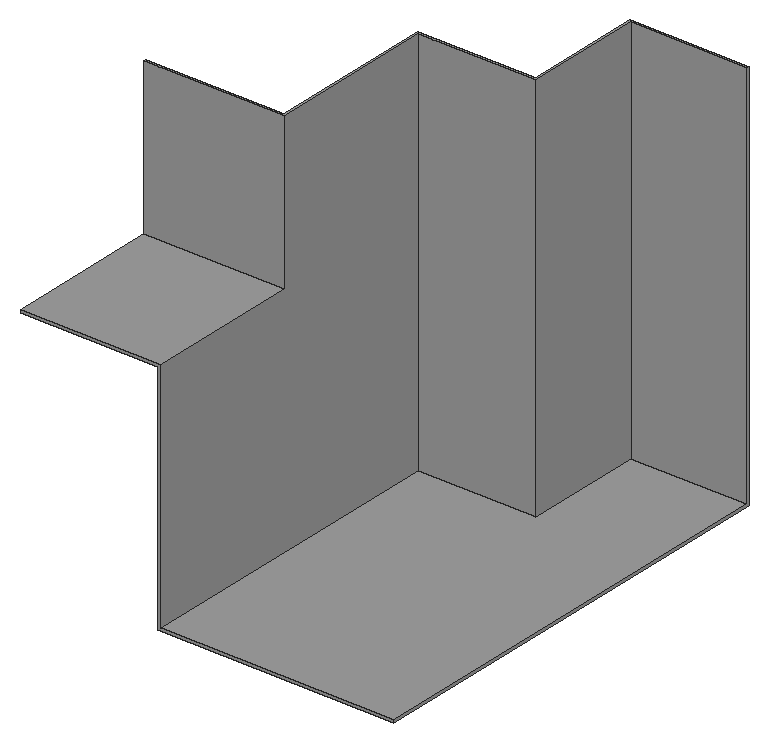
Revit family "2ed143ff-31b1-4260-ae98-51fd0d0a8e82", category Generic Models, Revit 2012
Parameters (values of type "As Specified")
  Upper Height = 0' - 4"
  Unit Width = 1' - 0"
  Unit Height = 0' - 4"
  Unit Depth = 0' - 6"
  URL = "http://www.hyload.com/"
  Thickness = 0' - 0 1/16"
  Specification = "http://www.arcat.com/sdspecs/htm04/07_65_00hyl.htm"
  Sales Information = "http://www.hyload.com/contact-us"
  Revision = "R1_12-2015"
  Product Properties = "http://www.hyload.com/masonry-flashing/preformed-shapes/"
  Product Data = "http://www.arcat.com/arcatcos/cos33/arc33176.html"
  Model = "Window Seal"
  Manufacturer Website = "http://www.hyload.com/"
  Manufacturer Phone - Toll Free = "800-457-4056"
  Manufacturer Phone = "330-769-3546"
  Manufacturer Fax = "330-769-4153"
  Manufacturer Address = "5020 Panther Pkwy., Seville, OH 44273"
  Manufacturer = "Hyload"
  Lower Height = 0' - 6"
  Keynote = "07 65 00"
  Flashing Material = Hyload Flashing Membrane - Grey
  Drawn By = "Robert S. Weygant / Sumex Design"
  Description = "Preformed Hyload Masonry Flashing - Window Seal"
  Copyright = "(c) ARCAT, Inc, 2015"
  Construction Details = "http://www.arcat.com/details/hyload/hyload.html?coid=33176"
  Assembly Code = "B3010400"
Reference planes (in)
  plane 1 "Center (Front/Back)": y = 0
  plane 2: z = 0
  plane 3 "Center (Left/Right)": x = 0
  plane 4: y = 7.25
  plane 5: x = 6
  plane 6 "WinPlane": z = 6
  plane 7: x = 22
  plane 8: y = -4
  plane 9: x = 3
  plane 10: y = 4.25
  plane 11: z = 10
  plane 12: x = -3.5
Forms (in)
  Extrusion 1, solid, material "Hyload Flashing Membrane - Grey" <- "Flashing Material"
    sketch origin (0, 0, 0) x (1, 0, 0) y (0, 1, 0)
      loop
        line (6, 7.25) -> (3, 7.25) -> (3, 4.25) -> (0, 4.25) -> (0, -4) -> (6, -4) -> (6, 7.25)
    from 0 to 0.0625 <- "Thickness"
  Extrusion 2, solid, material "Hyload Flashing Membrane - Grey" <- "Flashing Material"
    sketch origin (0, 0, 0) x (1, 0, 0) y (0, 1, 0)
      loop
        line (6, 7.25) -> (3, 7.25) -> (3, 4.25) -> (0, 4.25) -> (0, -4) -> (0.0625, -4) -> (0.0625, 4.1875) -> (3.0625, 4.1875) -> (3.0625, 7.1875) -> (6, 7.1875) -> (6, 7.25)
    from 0 to 6
  Extrusion 3, solid, material "Hyload Flashing Membrane - Grey" <- "Flashing Material"
    sketch origin (0, 0, 6) x (-1, 0, 0) y (0, -1, 0)
      loop
        line (3.5, 0) -> (3.5, 4) -> (-0.0625, 4) -> (-0.0625, 0) -> (3.5, 0)
    from 0 to 0.0625 <- "Thickness"
  Extrusion 4, solid, material "Hyload Flashing Membrane - Grey" <- "Flashing Material"
    sketch origin (0, 0, 6) x (-1, 0, 0) y (0, -1, 0)
      loop
        line (-6, -7.25) -> (-3, -7.25) -> (-3, -4.25) -> (0, -4.25) -> (0, 0) -> (3.5, 0) -> (3.5, 0.0625) -> (-0.0625, 0.0625) -> (-0.0625, -4.1875) -> (-3.0625, -4.1875) -> (-3.0625, -7.1875) -> (-6, -7.1875) -> (-6, -7.25)
    from 0 to 4 <- "Upper Height"
Cuts and joins
  joined: Extrusion 1, Extrusion 2, Extrusion 3, Extrusion 4
Dimensions and locks (in)
  "Lower Height": plane 6 "WinPlane" to level
  locked: plane 4 to plane 8 at 11.25
  plane 8 to plane 1 "Center (Front/Back)" = 0' - 4"
  plane 1 "Center (Front/Back)" to plane 10 = 0' - 4 1/4"
  locked: plane 3 "Center (Left/Right)" to plane 9 at 3
  "Thickness": plane 3 "Center (Left/Right)" to Extrusion 2 sketch curve
  "Thickness": plane 10 to Extrusion 2 sketch curve
  "Thickness": plane 9 to Extrusion 2 sketch curve
  "Thickness": plane 4 to Extrusion 2 sketch curve
  "Upper Height": plane 11 to plane 6 "WinPlane"
  plane 12 to plane 3 "Center (Left/Right)" = 0' - 3 1/2"
  "Thickness": Extrusion 4 sketch curve to plane 1 "Center (Front/Back)"
  "Thickness": plane 3 "Center (Left/Right)" to Extrusion 4 sketch curve
  "Thickness": plane 10 to Extrusion 4 sketch curve
  "Thickness": plane 9 to Extrusion 4 sketch curve
  "Thickness": plane 4 to Extrusion 4 sketch curve
  aligned and locked: plane 2 to level
  aligned and locked: plane 4 to Extrusion 1 sketch curve
  aligned and locked: plane 9 to Extrusion 1 sketch curve
  aligned and locked: Extrusion 1 sketch curve to plane 8
  aligned and locked: Extrusion 1 sketch curve to plane 3 "Center (Left/Right)"
  aligned and locked: plane 10 to Extrusion 1 sketch curve
  aligned and locked: Extrusion 2 sketch curve to plane 3 "Center (Left/Right)"
  aligned and locked: plane 10 to Extrusion 2 sketch curve
  aligned and locked: plane 9 to Extrusion 2 sketch curve
  aligned and locked: plane 4 to Extrusion 2 sketch curve
  aligned and locked: plane 5 to Extrusion 2 sketch curve
  aligned and locked: Extrusion 2 sketch curve to plane 8
  aligned and locked: plane 6 "WinPlane" to Extrusion 2
  aligned and locked: plane 1 "Center (Front/Back)" to Extrusion 3 sketch curve
  aligned and locked: plane 12 to Extrusion 3 sketch curve
  aligned and locked: Extrusion 3 sketch curve to Extrusion 1
  aligned and locked: plane 5 to Extrusion 4 sketch curve
  aligned and locked: plane 4 to Extrusion 4 sketch curve
  aligned and locked: plane 9 to Extrusion 4 sketch curve
  aligned and locked: plane 10 to Extrusion 4 sketch curve
  aligned and locked: Extrusion 4 sketch curve to plane 3 "Center (Left/Right)"
  aligned and locked: Extrusion 4 sketch curve to plane 1 "Center (Front/Back)"
  aligned and locked: Extrusion 4 sketch curve to plane 12
  aligned and locked: Extrusion 3 sketch curve to Extrusion 2
Automatic sketch dimensions
  Extrusion 1 sketch curve to plane 5 = 0' - 0"
